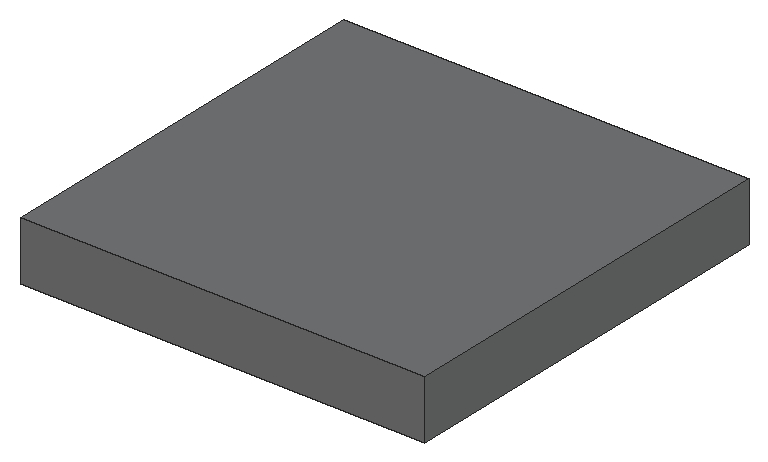
Revit family "Gira_027201", category Electrical Fixtures, host Face, Revit 2017
Family settings
  Host = Face
  Maintain Annotation Orientation = No
  Round Connector Dimension = Use Diameter
  Part Type = Normal
  Cut with Voids When Loaded = No
  Shared = No
  Room Calculation Point = No
Parameters (values of type "Abd. Tragring Geräte Ø 22,5 mm System 55 Cremeweiß")
  Zusammenstellung = "Zentralplatte"
  Werkstoffgüte = "sonstige"
  Werkstoff = "sonstige"
  Verwendung = "sonstige"
  URL = "http://katalog.gira.de/de_DE/datenblatt.html?artikelnr=027201"
  Transparent = "No"
  Tragring = "Yes"
  Region = "DE"
  RAL-Nummer (ähnlich) = "1013 "
  Oberfläche = "sonstige"
  Name = "Abd. Tragring Geräte Ø 22,5 mm System 55 Cremeweiß"
  Montageart = "unter Putz"
  Mit Zugentlastung = "No"
  Mit Staubschutz = "No"
  Mit Klappdeckel = "No"
  Mit Aufdruck = "No"
  Manufacturer URL = "https://www.gira.de/"
  Lüsterklemme = "No"
  Keynote = "Sys55_Abdeckung_Schalten und Tasten"
  HeinzeBIM = "https://bimportal.heinze.de/bim/abd-tragring-geraete-22-5-mm-system-55-cremeweiss/8fb88aefdbb47ff2dddddfaebac642137427f0a4"
  Halogenfrei = "Yes"
  HAN = "027201"
  Geeignet für Schutzart (IP) = "IP20"
  GTIN = "4010337272014"
  Farbe = "cremeweiß (elektroweiß)"
  Default Elevation = 1219.2 mm
  Data sheet (1) = "https://katalog.gira.de/de_DE/download.html?artikelnr=027201"
  Category = "Einsatz/Abdeckung für Kommunikationstechnik"
  Beschriftungsfeld = "ohne Beschriftungsfeld"
  Befestigungsart = "Befestigung mit Schraube"
  Available = "Yes"
  Ausführung der Oberfläche = "glänzend"
  Anthrazit [instance] = Anthrazit
Reference planes
  plane 1 "Center (Front/Back)": y = 0
  plane 2: z = 0
  plane 3 "Center (Left/Right)": x = 0
Forms (mm)
  Extrusion 1, solid, material "Anthrazit" <- "Anthrazit", detail levels fine
    sketch origin (0, 0, 0) x (1, 0, 0) y (0, 1, 0)
      loop
        line (-27.5, 27.5) -> (-27.5, -27.5) -> (27.5, -27.5) -> (27.5, 27.5) -> (-27.5, 27.5)
    from 0 to 8
  Extrusion 2, void
    sketch origin (0, 0, 0) x (1, 0, 0) y (0, 1, 0)
      loop
        line (26, 26) -> (-26, 26) -> (-26, -26) -> (26, -26) -> (26, 26)
    from 0 to 6
  Extrusion 3, solid, material "Anthrazit" <- "Anthrazit", detail levels medium
    sketch origin (0, 0, 0) x (1, 0, 0) y (0, 1, 0)
      loop
        line (-27.5, 27.5) -> (-27.5, -27.5) -> (27.5, -27.5) -> (27.5, 27.5) -> (-27.5, 27.5)
    from 0 to 8
  Extrusion 4, solid, material "Anthrazit" <- "Anthrazit", detail levels medium
    sketch origin (0, 0, 0) x (1, 0, 0) y (0, 1, 0)
      loop
        line (11, -17.5) -> (11, 17.5) -> (-11, 17.5) -> (-11, -17.5) -> (11, -17.5)
    from -6 to 6
  Extrusion 5, solid, material "Anthrazit" <- "Anthrazit", detail levels fine
    sketch origin (0, 0, 0) x (1, 0, 0) y (0, 1, 0)
      loop
        line (11, 17.5) -> (-11, 17.5) -> (-11, 16.5) -> (11, 16.5) -> (11, 17.5)
      loop
        line (-11, -16.5) -> (-11, -17.5) -> (11, -17.5) -> (11, -16.5) -> (-11, -16.5)
    from -4 to 6
  Extrusion 6, solid, material "Anthrazit" <- "Anthrazit", detail levels fine
    sketch origin (0, 0, 0) x (1, 0, 0) y (0, 1, 0)
      loop
        arc (5, 9.347) -> (0, 10.6) -> (-5, 9.347) r 10.6
        line (-5, 9.347) -> (-5, -9.347)
        arc (-5, -9.347) -> (0, -10.6) -> (5, -9.347) r 10.6
        line (5, -9.347) -> (5, 9.347)
    from -6 to 6
  Extrusion 7, solid, material "Anthrazit" <- "Anthrazit", detail levels coarse
    sketch origin (0, 0, 0) x (1, 0, 0) y (0, 1, 0)
      loop
        line (-27.5, 27.5) -> (-27.5, -27.5) -> (27.5, -27.5) -> (27.5, 27.5) -> (-27.5, 27.5)
    from -6 to 8
Cuts and joins
  Extrusion 2 cuts Extrusion 1
Dimensions and locks
  aligned and locked: plane 2 to host face
  aligned and locked: level to host face
